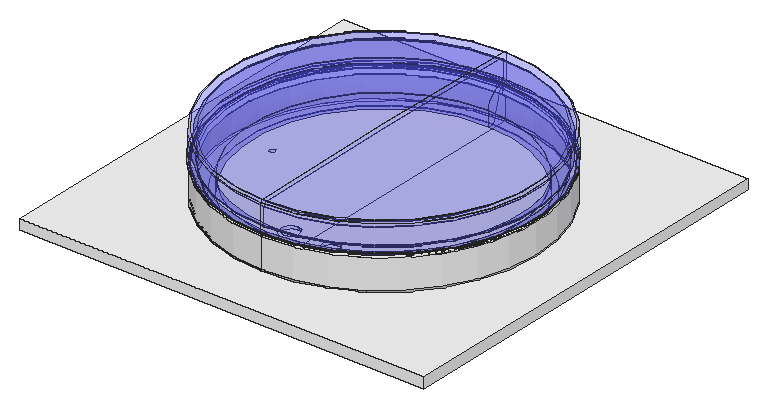
Revit family "BE_50647.1_de_DE", category Leuchten, Revit 2020
Family settings
  Basisbauteil = Fläche
  Bemaßung runder Anschluss = Durchmesser verwenden
  Teiletyp = Normal
  Beim Laden mit Abzugskörper schneiden = Ja
  Lichtquelle = Ja
  Gemeinsam genutzt = Nein
  Raumberechnungspunkt = Ja
Parameters (values of type "BEGA_50647.1_K4")
  built-in parameter 1150104 = 13.8 (stored number, unit not read)
  Wattage = 19.6 W
  Default Elevation = 0 mm
  built-in parameter 1150113 = 1 (stored number, unit not read)
  built-in parameter 1114218 = 1 (stored number, unit not read)
  Umgebungstemperatur = "25 °C"
  URL = "https://www.bega.com/de/produkt/50647.1"
  Typenkommentare = "© 2022 BEGA. Wir behalten uns das Recht vor, technische Änderungen ohne vorherige Ankündigung vorzunehmen."  # constant formula
  Type Image = 50647.1.png
  built-in parameter 1150134 = 12
  built-in parameter 1150109 = 1 (stored number, unit not read)
  Strom = ""
  built-in parameter 1150110 = 1 (stored number, unit not read)
  Spannung = 239.996 V
  Sonderanfertigung = no
  Seriennummer [instance] = "Hier können Sie die eindeutige Seriennummer für das Facility Management eintragen."
  Schutzklasse = "I"
  Schutzart = "IP 64"
  Scheinlast = 0 VA
  Produktdatenblatt = "https://cdn.bega.com/bega/products/50647.1K4/current/documents/data-sheets/de"
  Oberflächentemperatur = ""
  Neigungswinkel = 0.00°
  Modell = "50647.1K4"
  Material_17 = BEGA_Reflektor
  Material_15 = BEGA_Leuchtmedium_matt
  Material_11 = BEGA_Glas_opal
  Material_09 = BEGA_Glas_klar
  Material_06 = BEGA_Oberfläche_Edelstahl_gebürstet
  Material_03 = BEGA_Oberfläche_Weiss_matt
  Material_02 = BEGA_Oberfläche_Silber_matt
  Material_01 [instance] = BEGA_Oberfläche_Grafit_matt
  M_W = no
  M_G = no
  M_A = no
  Logo = 0
  built-in parameter 1114217 = 1 (stored number, unit not read)
  built-in parameter 1150139 = (empty or 0)
  built-in parameter 1150105 = 231.68 (stored number, unit not read)
  built-in parameter 1150114 = 1 (stored number, unit not read)
  Lumens = 2911.42 lm
  built-in parameter 1150115 = 1 (stored number, unit not read)
  Leuchtenlichtstrom = "1486 lm"
  Leuchtenanzahl = ""
  Lebensdauerkriterien = "L70B50 @ 25 °C = 153000 h"
  Lastklassifizierung = Beleuchtung
  built-in parameter 1150112 = 1 (stored number, unit not read)
  Lampenlichtstrom = "3295 lm"
  Lampe = "LED 19.3 W"
  LED_Modulbezeichnung = "LED-0832/940"
  Hersteller = "BEGA"  # constant formula
  Halbstreuwinkel = ""
  Gewicht = "2.6 kg"
  Gebrauchslageneinschränkung [instance] = ""
  Frequenz = "0/50-60 Hz"
  Farbwiedergabeindex = "CRI > 90"
  Farbtemperaturverschiebung bei Dämpfen der Lampe = <Keine Auswahl>
  Farbtemperatur = "4000 K"
  Color Filter = 16777215
  built-in parameter 1150133 = 10 (stored number, unit not read)
  Energieeffizienzklasse = "LED A++ - A"
  built-in parameter 1150137 = (empty or 0)
  built-in parameter 1150132 = (empty or 0)
  ENEC = "ja"
  Dimmbar [instance] = "on/off"
  Datei für fotometrisches Netz = "BE_50647.1K4.IES"
  CE_Konformität = "ja"
  Bestellnummer = "50647.1K4"
  Beschreibung_Sonderanfertigung = "Hier können Sie Informationen zur Sonderanfertigung eintragen."
  Beschreibung = "Decken- und Wandleuchte"
  built-in parameter 1150106 = 2.3168 (stored number, unit not read)
  Befestigungsbohrung = "Ø 5,5 mm"
  Befestigungsabstand = "220 mm"
  Ballwurfsicher = ""
  BEGA_Intern_aus = yes
  BEGA_Intern_an = yes
  BEGA_Intern_Konstruktion = yes
  BEGA_Intern = yes
  BEGA_IES = yes
  BEGA_Dummy = no
  Anschlussleitung = ""
  Anschlussleistung [instance] = "22.5 W"
  Anschlusskasten = ""
  built-in parameter 1150107 = 4000 (stored number, unit not read)
  built-in parameter 1150102 = (empty or 0)
  built-in parameter 1150138 = (empty or 0)
  Aktualisierung = "2022-05-19T04:00:07"
  Abstand_zur_angestrahlten_Fläche [instance] = ""
  AC/DC = "AC/DC"
Types (2, lengths in mm): name | built-in parameter 1150104 | built-in parameter 1150134 | Modell | built-in parameter 1150105 | Lumens | Leuchtenlichtstrom | Lampenlichtstrom | LED_Modulbezeichnung | Farbtemperatur | Datei für fotometrisches Netz | Bestellnummer | built-in parameter 1150106 | built-in parameter 1150107
  BEGA_50647.1_K3 | 13.387 (stored number, unit not read) | (empty or 0) | "50647.1K3" | 224.76 (stored number, unit not read) | 2824.36 lm | "1427 lm" | "3165 lm" | "LED-0832/930" | "3000 K" | "BE_50647.1K3.IES" | "50647.1K3" | 2.2476 (stored number, unit not read) | 3000 (stored number, unit not read)
  BEGA_50647.1_K4 | 13.8 (stored number, unit not read) | 12 | "50647.1K4" | 231.68 (stored number, unit not read) | 2911.42 lm | "1486 lm" | "3295 lm" | "LED-0832/940" | "4000 K" | "BE_50647.1K4.IES" | "50647.1K4" | 2.3168 (stored number, unit not read) | 4000 (stored number, unit not read)
Reference planes
  plane 1 "Mitte (Vorne/Hinten)": y = 0
  plane 2: z = 0
  plane 3 "Mitte (Links/Rechts)": x = 0
  plane 4 "Links": x = -152.5
  plane 5 "Rechts": x = 152.5
  plane 6 "Unten": y = -152.499
  plane 7 "Oben": y = 152.499
  plane 8 "Vorne": z = 66.497
  plane 9 "Hinten": z = 0
Forms (mm)
  Extrusion 1, solid, material "BEGA_Platte_Weiss"
    sketch origin (0, -1119.2, 0) x (1, 0, 0) y (0, 1, 0)
      loop
        line (-200, 1319.2) -> (-200, 919.2) -> (200, 919.2) -> (200, 1319.2) -> (-200, 1319.2)
    from 0 to -10
  Extrusion 2, solid, material "BEGA_Dummy_matt", visible <- "BEGA_Dummy"
    sketch origin (77.149, -76.023, 0) x (1, 0, 0) y (0, 1, 0)
      loop
        circle (-77.149, 76.023) r 152.5
    from 0 to 66.497
Dimensions and locks
  plane 1 "Mitte (Vorne/Hinten)" to Extrusion 1 = 200 mm
  aligned and locked: plane 2 to Extrusion 1
  aligned and locked: level to Extrusion 1
Nested families
  nested 1: "BE_50647.1" at (0, 0, 0) x (0, 1, 0) z (0, 0, 1), type "BE_50647.1"
Connectors
  electrical at (0, 0, 0), driven by "Lastklassifizierung", driven by "Spannung", driven by "Scheinlast"
    settings: index 1, voltage 239.996 V, apparent load 0 VA, apparent load phase1 0 VA, apparent load phase2 0 VA, apparent load phase3 0 VA, power factor 1, load classification "Beleuchtung", number of poles 1, system type 31, power factor state 1, is connector primary yes, connector utility no, sub classification motor no, connector description ""
Definition of nested family "BE_50647.1"
  Parameters (values of type "BE_50647.1")
    Default Elevation = 1 mm
    URL = "http://www.bega.de/de/produkt"
    Type Comments = "© 2015 BEGA. Wir behalten uns das Recht vor, technische Änderungen ohne vorherige Ankündigung vorzunehmen. "  # constant formula
    Type Image = (empty or 0)
    Neigungswinkel_um_Z2 = 0.00°
    Neigungswinkel_um_Z1 = 0.00°
    Neigungswinkel_um_Y2 = 0.00°
    Neigungswinkel_um_Y1 = 0.00°
    Neigungswinkel_um_X2 = 0.00°
    Neigungswinkel_um_X1 = 0.00°
    Material_17 = none
    Material_15 = none
    Material_11 = none
    Material_09 = none
    Material_06 = none
    Material_05 = none
    Material_03 = none
    Material_02 = none
    Material_01 = none
    M_W = yes
    M_G = yes
    M_A = yes
    Länge_Platte = 350 mm  # constant formula
    Höhe_Platte = -10 mm  # constant formula
    Manufacturer = "BEGA"  # constant formula
    Drehwinkel_um_Z2 = 0.00°
    Drehwinkel_um_Z1 = 0.00°
    Breite_Platte = 350 mm  # constant formula
  Reference planes
    plane 1 "Mitte (Oben/Unten)": y = 0
    plane 2: z = 0
    plane 3 "Mitte (Links/Rechts)": x = 0
    plane 4: x = -152.499
    plane 5: z = 66.497
    plane 6: x = 152.499
    plane 7: y = -152.5
    plane 8: y = 152.5
  Forms (mm)
    Extrusion 1, solid, detail levels medium
      sketch origin (0, 0, 0) x (1, 0, 0) y (0, 1, 0)
        loop
          line (-175, 175) -> (-175, -175) -> (175, -175) -> (175, 175) -> (-175, 175)
      from 0 to -10 <- "Höhe_Platte"
    Revolve 2, solid, material <- "Material_03", detail levels medium+fine
      sketch origin (0, 0, 0) x (1, 0, 0) y (0, 0, 1)
        loop
          arc (-151.35, 3.5) -> (-150.764, 2.086) -> (-149.35, 1.5) r 2
          line (-149.35, 1.5) -> (0, 1.49) -> (0, 3.5) -> (-149.15, 3.5)
          arc (-149.15, 3.5) -> (-149.857, 3.793) -> (-150.15, 4.5) r 1
          line (-150.15, 4.5) -> (-150.15, 33.002) -> (-145.799, 28.651) -> (-144.95, 29.499) -> (-149.043, 33.592)
          arc (-149.043, 33.592) -> (-149.482, 33.886) -> (-150, 33.99) r 1.35
          arc (-150, 33.99) -> (-150.953, 33.596) -> (-151.35, 32.645) r 1.35
          line (-151.35, 32.645) -> (-151.35, 3.5)
        axis (0, 1.49) -> (0, 33.99)
      angle from 0 to 360
    Revolve 3, solid, material <- "Material_03", detail levels medium+fine
      sketch origin (0, 10, 0) x (0, -1, 0) y (0, 0, -1)
        loop
          line (-109.291, -0.446) -> (-112.733, -2.568) -> (-100, -2.568) -> (-100, 0) -> (-107.719, 0)
          arc (-107.719, 0) -> (-108.537, -0.114) -> (-109.291, -0.446) r 3
        axis (-100, 0) -> (-100, -2.568)
      angle from 0 to 360
    Extrusion 4, void
      sketch origin (0, 0, 0) x (1, 0, 0) y (0, 1, 0)
        loop
          circle (-90, 20) r 8.455
        loop
          circle (0, 110) r 2.75
        loop
          circle (-90, -20) r 8.455
        loop
          circle (0, -110) r 2.75
      from 0 to 10
    Revolve 5, solid, material <- "Material_11", detail levels medium+fine
      sketch origin (0, 0, 0) x (1, 0, 0) y (0, 0, 1)
        loop
          arc (0, 66.495) -> (-74.831, 65.822) -> (-149.654, 64.537) r 9149.237
          arc (-149.654, 64.537) -> (-151.005, 63.959) -> (-151.594, 62.612) r 1.996
          line (-151.594, 62.612) -> (-152.499, 36.572)
          arc (-152.499, 36.572) -> (-151.94, 35.112) -> (-150.5, 34.5) r 2
          line (-150.5, 34.5) -> (-145, 34.5) -> (-136, 6) -> (-130, 6) -> (-130, 20.512)
          arc (-130, 20.512) -> (-134.491, 32.395) -> (-145.71, 38.354) r 18
          arc (-145.71, 38.354) -> (-147.612, 39.384) -> (-148.327, 41.426) r 3
          line (-148.327, 41.426) -> (-147.757, 57.54)
          arc (-147.757, 57.54) -> (-146.859, 59.584) -> (-144.799, 60.444) r 3.005
          arc (-144.799, 60.444) -> (-72.403, 61.658) -> (0, 62.3) r 9145.037
          line (0, 62.3) -> (0, 66.495)
        axis (0, 66.495) -> (0, 6)
      angle from 0 to 360
    Revolve 6, solid, material <- "Material_03", detail levels medium+fine
      sketch origin (0, -10, 0) x (0, 1, 0) y (0, 0, 1)
        loop
          arc (-109.291, 0.446) -> (-108.537, 0.114) -> (-107.719, 0) r 3
          line (-107.719, 0) -> (-100, 0) -> (-100, 2.568) -> (-112.733, 2.568) -> (-109.291, 0.446)
        axis (-100, 0) -> (-100, 2.568)
      angle from 0 to 360
  Cuts and joins
    Extrusion 4 cuts Revolve 2
    Extrusion 4 cuts Revolve 3
    Extrusion 4 cuts Revolve 6
    joined: Revolve 2, Revolve 3, Revolve 6
  Dimensions and locks
    equal spacing: Extrusion 1 sketch curve, plane 3 "Mitte (Links/Rechts)", Extrusion 1 sketch curve
    equal spacing: Extrusion 1 sketch curve, plane 1 "Mitte (Oben/Unten)", Extrusion 1 sketch curve
    "Länge_Platte": Extrusion 1 sketch curve to Extrusion 1 sketch curve
    "Breite_Platte": Extrusion 1 sketch curve to Extrusion 1 sketch curve
    aligned and locked: plane 2 to Extrusion 1
    aligned and locked: level to Extrusion 1
  Automatic sketch dimensions
    Revolve 2 sketch curve to Revolve 2 sketch curve = 0 mm  (x9)
    Revolve 2 sketch curve to plane 3 "Mitte (Links/Rechts)" = 0 mm  (x2)
    Revolve 2 sketch curve to Revolve 2 sketch curve = 0.849 mm  (x2)
    Revolve 2 sketch curve to Revolve 2 sketch curve = 4.093 mm
    level to Revolve 2 sketch curve = 3.5 mm
    Revolve 2 sketch curve to Revolve 2 sketch curve = 0.2 mm
    Revolve 2 sketch curve to Revolve 2 sketch curve = 0.957 mm
    Revolve 2 sketch curve to Revolve 2 sketch curve = 1 mm  (x2)
    Revolve 2 sketch curve to Revolve 2 sketch curve = 1.2 mm
    level to Revolve 2 sketch curve = 1.49 mm
    Revolve 2 sketch curve to Revolve 2 sketch curve = 24.151 mm
    Revolve 2 sketch curve to Revolve 2 sketch curve = 3.989 mm
    Revolve 2 sketch curve to Revolve 2 sketch curve = 0.005 mm
    Revolve 2 sketch curve to Revolve 2 sketch curve = 0.362 mm
    Revolve 2 sketch curve to Revolve 2 sketch curve = 0.59 mm
    Revolve 2 sketch curve to Revolve 2 sketch curve = 0.15 mm
    Revolve 2 sketch curve to Revolve 2 sketch curve = 1.76 mm
    level to Revolve 3 sketch curve = 2.568 mm
    level to Revolve 3 sketch curve = 3 mm
    Revolve 3 sketch curve to Revolve 3 sketch curve = 5.014 mm
    Revolve 3 sketch curve to Revolve 3 sketch curve = 7.719 mm
    Revolve 3 sketch curve to level = 0 mm
    level to Revolve 3 sketch curve = 0.446 mm  (x2)
    Revolve 3 sketch curve to Revolve 3 sketch curve = 0.002 mm
    Revolve 3 sketch curve to Revolve 3 sketch curve = 0 mm  (x3)
    plane 1 "Mitte (Oben/Unten)" to Extrusion 4 sketch curve = 20 mm
    Extrusion 4 sketch curve to plane 1 "Mitte (Oben/Unten)" = 20 mm
    Extrusion 4 sketch curve to Extrusion 4 sketch curve = 0 mm
    plane 3 "Mitte (Links/Rechts)" to Extrusion 4 sketch curve = 0 mm  (x2)
    level to Revolve 6 sketch curve = 2.568 mm
    level to Revolve 6 sketch curve = 3 mm
    Revolve 6 sketch curve to Revolve 6 sketch curve = 5.014 mm
    Revolve 6 sketch curve to Revolve 6 sketch curve = 7.719 mm
    Revolve 6 sketch curve to level = 0 mm
    level to Revolve 6 sketch curve = 0.446 mm  (x2)
    Revolve 6 sketch curve to Revolve 6 sketch curve = 0.002 mm
    Revolve 6 sketch curve to Revolve 6 sketch curve = 0 mm  (x3)
    Revolve 5 sketch curve to plane 3 "Mitte (Links/Rechts)" = 0 mm  (x2)
    Revolve 5 sketch curve to Revolve 5 sketch curve = 0.328 mm
    Revolve 5 sketch curve to Revolve 5 sketch curve = 3.003 mm
    Revolve 5 sketch curve to Revolve 5 sketch curve = 3 mm
    Revolve 5 sketch curve to Revolve 5 sketch curve = 2.998 mm
    Revolve 5 sketch curve to Revolve 5 sketch curve = 1.842 mm
    Revolve 5 sketch curve to Revolve 5 sketch curve = 2.173 mm
    Revolve 5 sketch curve to Revolve 5 sketch curve = 1.995 mm
    Revolve 5 sketch curve to Revolve 5 sketch curve = 1.999 mm
    plane 3 "Mitte (Links/Rechts)" to Revolve 5 sketch curve = 44.821 mm
    Revolve 5 sketch curve to Revolve 5 sketch curve = 0.032 mm
    Revolve 5 sketch curve to Revolve 5 sketch curve = 0.101 mm
    Revolve 5 sketch curve to Revolve 5 sketch curve = 16.114 mm
    Revolve 5 sketch curve to Revolve 5 sketch curve = 0.097 mm
    Revolve 5 sketch curve to Revolve 5 sketch curve = 4.854 mm
    Revolve 5 sketch curve to Revolve 5 sketch curve = 0.072 mm
    Revolve 5 sketch curve to Revolve 5 sketch curve = 0 mm  (x5)
    Revolve 5 sketch curve to Revolve 5 sketch curve = 13.988 mm
    Revolve 5 sketch curve to Revolve 5 sketch curve = 14 mm
    level to Revolve 5 sketch curve = 6 mm
    Revolve 5 sketch curve to level = 9082.628 mm
    Revolve 5 sketch curve to Revolve 5 sketch curve = 0.005 mm
    level to Revolve 5 sketch curve = 62.3 mm
    Revolve 5 sketch curve to Revolve 5 sketch curve = 0.071 mm
    Revolve 5 sketch curve to Revolve 5 sketch curve = 4.195 mm
    Revolve 5 sketch curve to Revolve 5 sketch curve = 0.382 mm
    Revolve 5 sketch curve to Revolve 5 sketch curve = 9.492 mm
    Revolve 5 sketch curve to Revolve 5 sketch curve = 14.5 mm
    Revolve 5 sketch curve to Revolve 5 sketch curve = 2.098 mm
    Revolve 2 sketch curve to plane 3 "Mitte (Links/Rechts)" = 144.95 mm
    Revolve 2 sketch curve to Revolve 2 sketch curve = 3.351 mm
    Extrusion 4 sketch curve to plane 3 "Mitte (Links/Rechts)" = 90 mm
    Revolve 5 sketch curve to plane 3 "Mitte (Links/Rechts)" = 130 mm
    Revolve 5 sketch curve to Revolve 5 sketch curve = 6 mm
    Revolve 5 sketch curve to Revolve 5 sketch curve = 14.754 mm
    Revolve 5 sketch curve to Revolve 5 sketch curve = 15 mm
    plane 1 "Mitte (Oben/Unten)" to Extrusion 4 sketch curve = 110 mm
    Extrusion 4 sketch curve to plane 1 "Mitte (Oben/Unten)" = 110 mm
    radius of Extrusion 4 sketch curve = 8.455 mm  (x2)
    radius of Extrusion 4 sketch curve = 2.75 mm  (x2)
